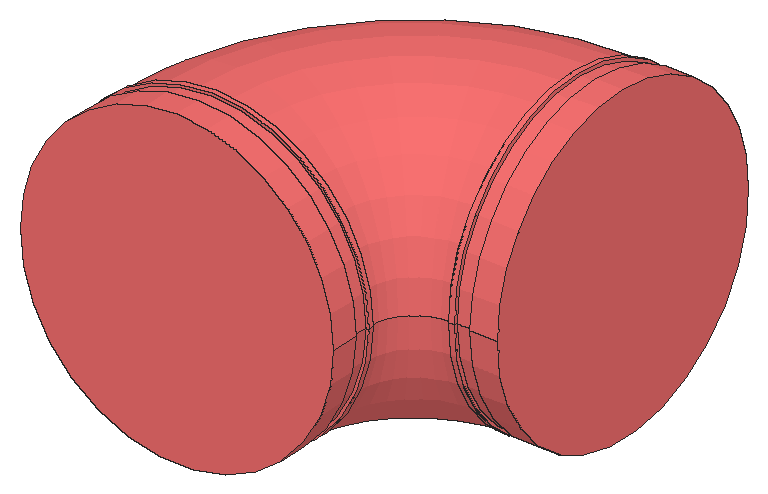
Revit family "ST-105 90 DEGREE ELBOW SHORT RADIUS", category Pipe Fittings, Revit 2025
Family settings
  Round Connector Dimension = Use Diameter
  Part Type = Elbow
  Work Plane-Based = No
  Always vertical = Yes
  Cut with Voids When Loaded = No
  Shared = No
Parameters (values of type "200")
  OD-2 [instance] = OD - 2 mm  # 217.1 mm
  OD+5 [instance] = OD + 5 mm  # 224.1 mm
  OD [instance] = size_lookup(LOOKUP TABLE, "OD", 100 mm, ND)  # 219.1 mm
  ND [instance] = 200 mm
  LOOKUP TABLE [instance] = "ST-105 SR ELBOW"
  GD [instance] = size_lookup(LOOKUP TABLE, "GD", 100 mm, ND)  # 215 mm
  F [instance] = size_lookup(LOOKUP TABLE, "F", 100 mm, ND)  # 11.1 mm
  EF+4 [instance] = E + F + 4 mm  # 34.1 mm
  E [instance] = size_lookup(LOOKUP TABLE, "E", 100 mm, ND)  # 19 mm
  Default Elevation = 0 mm
  CE [instance] = size_lookup(LOOKUP TABLE, "CE", 100 mm, ND)  # 173 mm
Types (12, lengths in mm): name | OD-2 | OD+5 | OD | ND | GD | F | EF+4 | E | CE
  (no name) | 217.1 | 224.1 | 219.1 | 200 | 215 | 11.1 | 34.1 | 19 | 173
  40 | 46.3 | 53.3 | 48.3 | 40 | 46 | 8 | 27.9 | 15.9 | 63.5
  32 | 40.2 | 47.2 | 42.2 | 32 | 39 | 8 | 27.9 | 15.9 | 57
  50 | 58.3 | 65.3 | 60.3 | 50 | 57.5 | 8 | 27.9 | 15.9 | 70
  62 | 71 | 78 | 73 | 62 | 70 | 8 | 27.9 | 15.9 | 76.2
  65 | 74.1 | 81.1 | 76.1 | 65 | 73 | 8 | 27.9 | 15.9 | 79.5
  80 | 86.9 | 93.9 | 88.9 | 80 | 85 | 8 | 27.9 | 15.9 | 86
  100 | 112.3 | 119.3 | 114.3 | 100 | 111 | 9.5 | 29.4 | 15.9 | 102
  125 | 139.3 | 146.3 | 141.3 | 125 | 137 | 9.5 | 29.4 | 15.9 | 124
  147 | 163.1 | 170.1 | 165.1 | 147 | 161 | 9.5 | 29.4 | 15.9 | 140
  150 | 166.3 | 173.3 | 168.3 | 150 | 164 | 9.5 | 29.4 | 15.9 | 140
  200 | 217.1 | 224.1 | 219.1 | 200 | 215 | 11.1 | 34.1 | 19 | 173
Reference planes
  plane 1 "Center (Front/Back)": y = 0
  plane 2: z = 0
  plane 3 "Center (Left/Right)": x = 0
  plane 4: y = -138.9
  plane 5: x = 173
  plane 6: y = -173
  plane 7: x = 138.9
  plane 8: x = -107.5
  plane 9: x = 107.5
  plane 10: y = -142.9
  plane 11: y = -154
  plane 12: x = -112.05
  plane 13: x = 112.05
  plane 14: x = 154
  plane 15: x = 142.9
  plane 16: y = 112.05
  plane 17: y = 107.5
  plane 18: y = -107.5
  plane 19: y = -112.05
Forms (mm)
  Extrusion 1, solid, material "Iron, Ductile(1)"
    sketch origin (2429.894, -138.9, 1204.391) x (1, 0, 0) y (0, 0, 1)
      loop
        circle (-2429.894, -1204.391) r 109.55
    from 0 to 34.1
  Extrusion 2, solid, material "Iron, Ductile(1)"
    sketch origin (173, 1378.011, 1200) x (0, 1, 0) y (0, 0, 1)
      loop
        circle (-1378.011, -1200) r 109.55
    from 0 to -34.1
  Sweep 3, solid, material "Iron, Ductile(1)"
    path origin (0, 0, 0) x (1, 0, 0) y (0, 1, 0)
      loop
        arc (0, -138.9) -> (40.683, -40.683) -> (138.9, 0) r 138.9
    profile origin (40.683, -40.683, 0) x (-0.707107, 0.707107, 0) y (0, 0, 1)
      loop
        circle (0, 0) r 108.55
  Revolve 4, void
    sketch origin (0, 0, 0) x (1, 0, 0) y (0, 1, 0)
      loop
        line (-112.05, -142.9) -> (-112.05, -154) -> (-107.5, -154) -> (-107.5, -142.9) -> (-112.05, -142.9)
      axis (0, -142.9) -> (0, -154)
    angle from 0 to 360
  Revolve 5, void
    sketch origin (0, 0, 0) x (1, 0, 0) y (0, 1, 0)
      loop
        line (142.9, 112.05) -> (142.9, 107.5) -> (154, 107.5) -> (154, 112.05) -> (142.9, 112.05)
      axis (154, 0) -> (142.9, 0)
    angle from 0 to 360
Cuts and joins
  Revolve 4 cuts Extrusion 1
  Revolve 5 cuts Extrusion 2
Dimensions and locks
  "CE": plane 3 "Center (Left/Right)" to plane 5
  "EF+4": plane 6 to plane 4
  "CE": plane 6 to plane 1 "Center (Front/Back)"
  "EF+4": plane 7 to plane 5
  equal spacing: plane 8, plane 3 "Center (Left/Right)", plane 9
  equal spacing: plane 12, plane 3 "Center (Left/Right)", plane 13
  "E": plane 6 to plane 11
  "F": plane 11 to plane 10
  "OD+5": plane 12 to plane 13
  "GD": plane 8 to plane 9
  equal spacing: plane 17, plane 1 "Center (Front/Back)", plane 18
  "GD": plane 17 to plane 18
  equal spacing: plane 16, plane 1 "Center (Front/Back)", plane 19
  "OD+5": plane 16 to plane 19
  "E": plane 14 to plane 5
  "F": plane 15 to plane 14
  "OD": diameter of Extrusion 1 sketch curve
  "OD": diameter of Extrusion 2 sketch curve
  "OD-2": diameter of Sweep 3 sketch curve
  aligned and locked: level to plane 2
  aligned and locked: level to Extrusion 1 sketch curve
  aligned and locked: plane 3 "Center (Left/Right)" to Extrusion 1 sketch curve
  aligned and locked: plane 6 to Extrusion 1
  aligned and locked: level to Extrusion 2 sketch curve
  aligned and locked: plane 1 "Center (Front/Back)" to Extrusion 2 sketch curve
  aligned and locked: Extrusion 2 to plane 7
  aligned and locked: Sweep 3 sketch curve to Extrusion 1
  aligned and locked: Sweep 3 sketch curve to Extrusion 2
  aligned and locked: Sweep 3 sketch curve to plane 7
  aligned and locked: plane 4 to Sweep 3 sketch curve
  aligned and locked: Revolve 4 sketch curve to plane 10
  aligned and locked: Revolve 4 sketch curve to plane 12
  aligned and locked: plane 11 to Revolve 4 sketch curve
  aligned and locked: plane 8 to Revolve 4 sketch curve
  aligned and locked: Revolve 4 sketch curve to plane 3 "Center (Left/Right)"
  aligned and locked: plane 16 to Revolve 5 sketch curve
  aligned and locked: plane 15 to Revolve 5 sketch curve
  aligned and locked: Revolve 5 sketch curve to plane 17
  aligned and locked: Revolve 5 sketch curve to plane 14
  aligned and locked: Revolve 5 sketch curve to plane 1 "Center (Front/Back)"
Automatic sketch dimensions
  Sweep 3 sketch curve to plane 3 "Center (Left/Right)" = 0 mm
  Extrusion 1 sketch curve to level = 0 mm
  level to Sweep 3 sketch curve = 0 mm
  Sweep 3 sketch curve to profile plane = 0 mm
  plane 6 to Revolve 4 sketch curve = 1943 mm
  Revolve 4 sketch curve to plane 1 "Center (Front/Back)" = 2000 mm
  Revolve 5 sketch curve to plane 3 "Center (Left/Right)" = 2000 mm
  plane 5 to Revolve 5 sketch curve = 1943 mm
Connectors
  piping at (0, -173, 0), diameter 200, driven by "ND"
    settings: on Extrusion 1, index 1, connector inside diameter 609.6 mm, connector length 0 mm, flow factor 0, pipe flow 0.0 L/s, pressure drop 0.0 Pa, fitting loss kfactor 0, connector angle 0.00°, fixture units 0, engagement length 0 mm, angle of deflection 0.00°, flow configuration 0, flow direction 0, fitting loss method 0, system type 28, joint type 0, gender type 0, connector reference index 2, connector utility 0, adjustable connector no, is connector primary yes, connector description ""
  piping at (173, 0, 0), diameter 200, driven by "ND"
    settings: on Extrusion 2, index 2, connector inside diameter 609.6 mm, connector length 0 mm, flow factor 0, pipe flow 0.0 L/s, pressure drop 0.0 Pa, fitting loss kfactor 0, connector angle 0.00°, fixture units 0, engagement length 0 mm, angle of deflection 0.00°, flow configuration 0, flow direction 0, fitting loss method 0, system type 28, joint type 0, gender type 0, connector reference index 1, connector utility 0, adjustable connector no, is connector primary no, connector description ""
